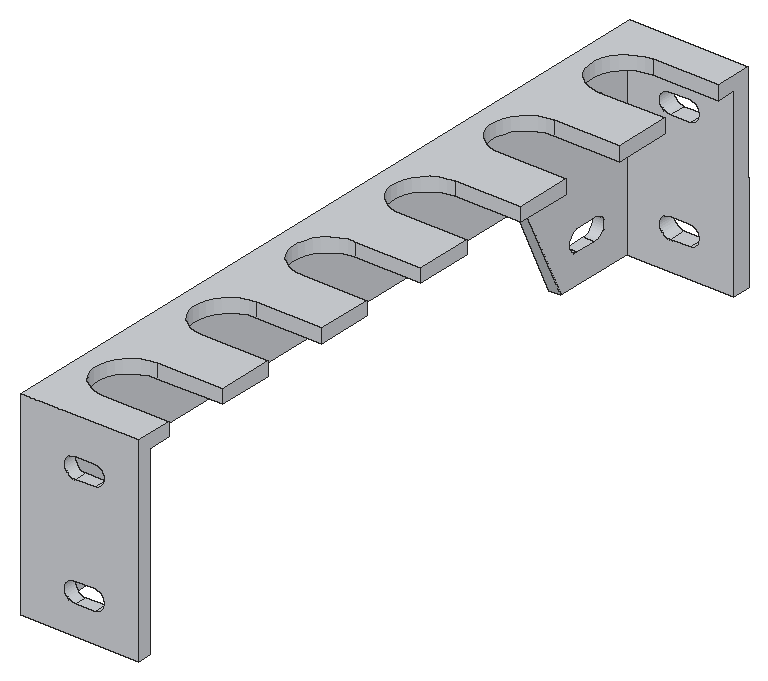
Revit family
Parameters
  Material ID = "760058685"
  Description = "BRACKET, RACK MOUNTED, SIX 3/8\" FITTINGS"
Reference planes (in)
  plane 1 "Center (Front/Back)": y = 0
  plane 2: z = 0
  plane 3 "Center (Left/Right)": x = 0
Forms (in)
  Extrusion 1, solid
    sketch origin (0, 0, 0) x (1, 0, 0) y (0, 0, 1)
      loop
        line (-0.58867, 0) -> (0.61133, 0) -> (0.61133, 2) -> (-0.58867, 2) -> (-0.58867, 0)
    from 0 to 7.68
  Extrusion 2, void
    sketch origin (0, 0, 0) x (0, 1, 0) y (0, 0, 1)
      loop
        line (-7.55045, 1.86021) -> (-7.55045, -0.38979) -> (-0.17671, -0.38979) -> (-0.17671, 1.86021) -> (-7.55045, 1.86021)
    from -0.47505 to 1.83995
  Extrusion 3, void
    sketch origin (0, 0, 0) x (0, 1, 0) y (0, 0, 1)
      loop
        line (-6.7011, 0) -> (-1.01124, 0) -> (-1.48117, 1.00777) -> (-6.23117, 1.00777) -> (-6.7011, 0)
    from -2.49102 to 1.24462
  Extrusion 4, void
    sketch origin (-0.42813, 0, 2) x (0, -1, 0) y (-1, 0, 0)
      loop
        line (0.375, -1.03946) -> (1.055, -1.03946) -> (1.055, -0.37446)
        arc (1.055, -0.37446) -> (0.715, -0.03446) -> (0.375, -0.37446) r 0.34
        line (0.375, -0.37446) -> (0.375, -1.03946)
    from -1.62204 to 3.00913
  Extrusion 5, void
    sketch origin (-0.42813, -1.25, 2) x (0, -1, 0) y (-1, 0, 0)
      loop
        line (0.375, -1.03946) -> (1.055, -1.03946) -> (1.055, -0.37446)
        arc (1.055, -0.37446) -> (0.715, -0.03446) -> (0.375, -0.37446) r 0.34
        line (0.375, -0.37446) -> (0.375, -1.03946)
    from -1.62204 to 3.00913
  Extrusion 6, void
    sketch origin (-0.42813, -2.5, 2) x (0, -1, 0) y (-1, 0, 0)
      loop
        line (0.375, -1.03946) -> (1.055, -1.03946) -> (1.055, -0.37446)
        arc (1.055, -0.37446) -> (0.715, -0.03446) -> (0.375, -0.37446) r 0.34
        line (0.375, -0.37446) -> (0.375, -1.03946)
    from -1.62204 to 3.00913
  Extrusion 7, void
    sketch origin (-0.42813, -3.75, 2) x (0, -1, 0) y (-1, 0, 0)
      loop
        line (0.375, -1.03946) -> (1.055, -1.03946) -> (1.055, -0.37446)
        arc (1.055, -0.37446) -> (0.715, -0.03446) -> (0.375, -0.37446) r 0.34
        line (0.375, -0.37446) -> (0.375, -1.03946)
    from -1.62204 to 3.00913
  Extrusion 8, void
    sketch origin (-0.42813, -5, 2) x (0, -1, 0) y (-1, 0, 0)
      loop
        line (0.375, -1.03946) -> (1.055, -1.03946) -> (1.055, -0.37446)
        arc (1.055, -0.37446) -> (0.715, -0.03446) -> (0.375, -0.37446) r 0.34
        line (0.375, -0.37446) -> (0.375, -1.03946)
    from -1.62204 to 3.00913
  Extrusion 9, void
    sketch origin (-0.42813, -6.25, 2) x (0, -1, 0) y (-1, 0, 0)
      loop
        line (0.375, -1.03946) -> (1.055, -1.03946) -> (1.055, -0.37446)
        arc (1.055, -0.37446) -> (0.715, -0.03446) -> (0.375, -0.37446) r 0.34
        line (0.375, -0.37446) -> (0.375, -1.03946)
    from -1.62204 to 3.00913
  Extrusion 10, void
    sketch origin (0, 0, 0) x (1, 0, 0) y (0, 0, 1)
      loop
        arc (-0.03595, 1.62624) -> (-0.14087, 1.52132) -> (-0.03595, 1.4164) r 0.10492
        line (-0.03595, 1.4164) -> (0.15784, 1.4164)
        arc (0.15784, 1.4164) -> (0.26276, 1.52132) -> (0.15784, 1.62624) r 0.10492
        line (0.15784, 1.62624) -> (-0.03595, 1.62624)
      loop
        arc (-0.03595, 0.50124) -> (-0.14087, 0.39632) -> (-0.03595, 0.2914) r 0.10492
        line (-0.03595, 0.2914) -> (0.15784, 0.2914)
        arc (0.15784, 0.2914) -> (0.26276, 0.39632) -> (0.15784, 0.50124) r 0.10492
        line (0.15784, 0.50124) -> (-0.03595, 0.50124)
    from -4.10669 to 12
  Extrusion 11, void
    sketch origin (0, 0, 0) x (0, 1, 0) y (0, 0, 1)
      loop
        line (-0.57246, 1.63884) -> (-0.79191, 1.63884)
        arc (-0.79191, 1.63884) -> (-0.90313, 1.52762) -> (-0.79191, 1.4164) r 0.11122
        line (-0.79191, 1.4164) -> (-0.57246, 1.4164)
        arc (-0.57246, 1.4164) -> (-0.46124, 1.52762) -> (-0.57246, 1.63884) r 0.11122
      loop
        line (-0.57246, 0.51384) -> (-0.79191, 0.51384)
        arc (-0.79191, 0.51384) -> (-0.90313, 0.40262) -> (-0.79191, 0.2914) r 0.11122
        line (-0.79191, 0.2914) -> (-0.57246, 0.2914)
        arc (-0.57246, 0.2914) -> (-0.46124, 0.40262) -> (-0.57246, 0.51384) r 0.11122
      loop
        line (-6.96693, 1.63884) -> (-7.18638, 1.63884)
        arc (-7.18638, 1.63884) -> (-7.2976, 1.52762) -> (-7.18638, 1.4164) r 0.11122
        line (-7.18638, 1.4164) -> (-6.96693, 1.4164)
        arc (-6.96693, 1.4164) -> (-6.85571, 1.52762) -> (-6.96693, 1.63884) r 0.11122
      loop
        line (-6.96693, 0.51384) -> (-7.18638, 0.51384)
        arc (-7.18638, 0.51384) -> (-7.2976, 0.40262) -> (-7.18638, 0.2914) r 0.11122
        line (-7.18638, 0.2914) -> (-6.96693, 0.2914)
        arc (-6.96693, 0.2914) -> (-6.85571, 0.40262) -> (-6.96693, 0.51384) r 0.11122
    from -3.61082 to 4.53937
Cuts and joins
  Extrusion 2, Extrusion 3, Extrusion 4, Extrusion 5, Extrusion 6, Extrusion 7, Extrusion 8, Extrusion 9, Extrusion 10, Extrusion 11 cuts Extrusion 1
Dimensions and locks (in)
  equal spacing: group 1, group 2, group 3, group 4, group 5, group 6  (x2)
  equal spacing: group 6, group 5, group 4, group 3, group 2, group 1
  aligned: Extrusion 1 sketch curve to level
